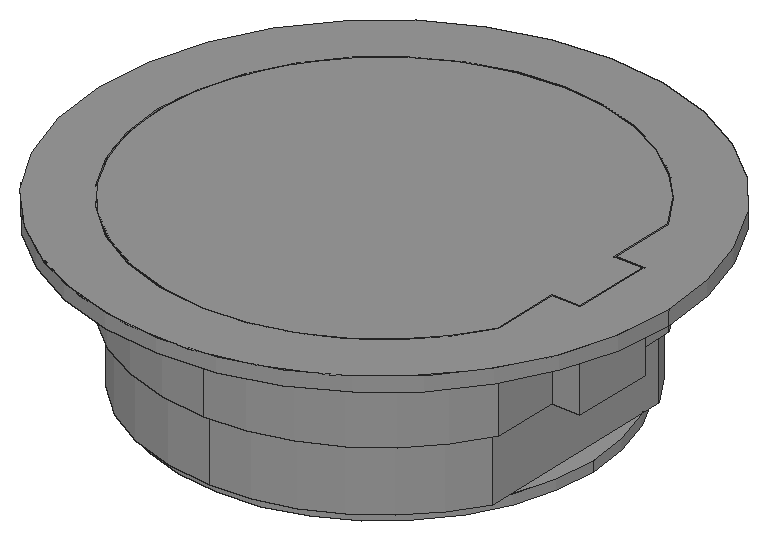
Revit family "Klappdeckel-GES R2 Ni-O", category Generic Models, Revit 2017
Family settings
  Can host rebar = No
  Round Connector Dimension = Use Diameter
  Part Type = Normal
  Work Plane-Based = No
  Always vertical = Yes
  Cut with Voids When Loaded = No
  Shared = No
  Room Calculation Point = No
Parameters (values of type "GES R2 Ni-O")
  URL = "http://www.obo-bettermann.com"
  Material = Die-cast zinc
  Manufacturer Art.No. = "7408849"
  Manufacturer = "OBO BETTERMANN"
  GTIN = "4012196689767"
  Article Type = "GES R2 Ni-O"
Reference planes
  plane 1 "Center (Front/Back)": y = 0
  plane 2: z = 0
  plane 3 "Center (Left/Right)": x = 0
  plane 4: z = 3.5
  plane 5: z = -20.25
  plane 6: z = -36.25
  plane 7: z = -38.75
Forms (mm)
  Extrusion 1, solid, material "Die-cast zinc" <- "Material"
    sketch origin (0, 0, 0) x (1, 0, 0) y (0, 1, 0)
      loop
        circle (0, 0) r 70
      loop
        arc (0, 55.65) -> (-55.65, 0) -> (0, -55.65) r 55.65
        arc (0, -55.65) -> (28.648, -47.71) -> (49.121, -26.155) r 55.65
        line (49.121, -26.155) -> (49.121, -9.855) -> (56.043, -9.855) -> (56.043, 9.9) -> (49.183, 9.9) -> (49.183, 26.037)
        arc (49.183, 26.037) -> (28.705, 47.676) -> (0, 55.65) r 55.65
    from 0 to 3.5
  Extrusion 2, solid, material "Die-cast zinc" <- "Material"
    sketch origin (0, 0, 0) x (1, 0, 0) y (0, 1, 0)
      loop
        line (48.9, 9.6) -> (48.9, 26.037)
        arc (48.9, 26.037) -> (28.519, 47.495) -> (0, 55.4) r 55.4
        arc (0, 55.4) -> (-55.4, 0) -> (0, -55.4) r 55.4
        arc (0, -55.4) -> (28.519, -47.495) -> (48.9, -26.037) r 55.4
        line (48.9, -26.037) -> (48.9, -9.6) -> (55.8, -9.6) -> (55.8, 9.6) -> (48.9, 9.6)
    from 3.5 to 0
  Extrusion 3, solid, material "Die-cast zinc" <- "Material"
    sketch origin (0, 0, 0) x (1, 0, 0) y (0, 1, 0)
      loop
        arc (0, 55.65) -> (-55.65, 0) -> (0, -55.65) r 55.65
        arc (0, -55.65) -> (28.648, -47.71) -> (49.121, -26.155) r 55.65
        line (49.121, -26.155) -> (49.121, -9.855) -> (56.043, -9.855) -> (56.043, 9.9) -> (49.183, 9.9) -> (49.183, 26.037)
        arc (49.183, 26.037) -> (28.705, 47.676) -> (0, 55.65) r 55.65
      loop
        arc (47.183, 25.536) -> (27.462, 46.089) -> (0, 53.65) r 53.65
        arc (0, 53.65) -> (-53.65, 0) -> (0, -53.65) r 53.65
        arc (0, -53.65) -> (27.406, -46.122) -> (47.121, -25.651) r 53.65
        line (47.121, -25.651) -> (47.121, -7.855) -> (54.043, -7.855) -> (54.043, 7.9) -> (47.183, 7.9) -> (47.183, 25.536)
    from 0 to -20.25
  Extrusion 4, solid, material "Die-cast zinc" <- "Material"
    sketch origin (0, 0, 0) x (1, 0, 0) y (0, 1, 0)
      loop
        arc (0, 53.65) -> (-53.65, 0) -> (0, -53.65) r 53.65
        arc (0, -53.65) -> (27.462, -46.089) -> (47.183, -25.536) r 53.65
        line (47.183, -25.536) -> (47.183, 25.536)
        arc (47.183, 25.536) -> (27.462, 46.089) -> (0, 53.65) r 53.65
      loop
        arc (43.383, 24.555) -> (25.109, 43.064) -> (0, 49.85) r 49.85
        arc (0, 49.85) -> (-49.85, 0) -> (0, -49.85) r 49.85
        arc (0, -49.85) -> (25.109, -43.064) -> (43.383, -24.555) r 49.85
        line (43.383, -24.555) -> (43.383, 24.555)
    from -36.25 to -20.25
  Extrusion 5, solid, material "Die-cast zinc" <- "Material"
    sketch origin (0, 0, 0) x (1, 0, 0) y (0, 1, 0)
      loop
        circle (0, 0) r 51.5
    from -38.75 to -36.25
Dimensions and locks
  locked: plane 3 "Center (Left/Right)" to Extrusion 1 sketch curve at 70
  locked: plane 3 "Center (Left/Right)" to Extrusion 1 sketch curve
  locked: plane 4 to level at 3.5
  locked: Extrusion 2 sketch curve to Extrusion 2 sketch curve at 19.2
  locked: plane 3 "Center (Left/Right)" to Extrusion 2 sketch curve at 0
  locked: plane 3 "Center (Left/Right)" to Extrusion 2 sketch curve at 55.8
  locked: plane 4 to plane 5 at 23.75
  locked: plane 3 "Center (Left/Right)" to Extrusion 2 sketch curve at 48.9  (x2)
  locked: Extrusion 2 sketch curve to Extrusion 2 sketch curve at 6.9
  locked: plane 3 "Center (Left/Right)" to Extrusion 2 at 55.8
  locked: Extrusion 2 to plane 3 "Center (Left/Right)" at 55.4
  locked: Extrusion 1 to Extrusion 1 at 19.755  (x2)
  locked: Extrusion 1 to Extrusion 1 at 6.86
  locked: Extrusion 1 to Extrusion 1 at 6.923
  locked: plane 3 "Center (Left/Right)" to Extrusion 1 at 56.043
  locked: Extrusion 1 to plane 3 "Center (Left/Right)" at 55.65
  locked: plane 3 "Center (Left/Right)" to Extrusion 4 sketch curve at 47.183
  locked: plane 3 "Center (Left/Right)" to Extrusion 4 sketch curve at 43.383
  locked: plane 3 "Center (Left/Right)" to Extrusion 4 sketch curve at 0
  locked: plane 5 to plane 6 at 16
  locked: plane 3 "Center (Left/Right)" to Extrusion 5 sketch curve at 51.5
  locked: plane 3 "Center (Left/Right)" to Extrusion 5 sketch curve
  aligned and locked: level to plane 2
  aligned and locked: Extrusion 1 to level
  aligned and locked: Extrusion 1 to plane 4
  aligned and locked: Extrusion 1 to plane 2
  aligned and locked: Extrusion 1 to Extrusion 2
  aligned and locked: Extrusion 2 to level
  aligned and locked: Extrusion 3 to plane 5
  aligned and locked: level to Extrusion 3
  aligned and locked: plane 5 to Extrusion 4
  aligned and locked: Extrusion 4 to plane 6
  aligned and locked: Extrusion 5 to Extrusion 4
  aligned and locked: Extrusion 5 to plane 7
  aligned and locked: Extrusion 5 to plane 6
